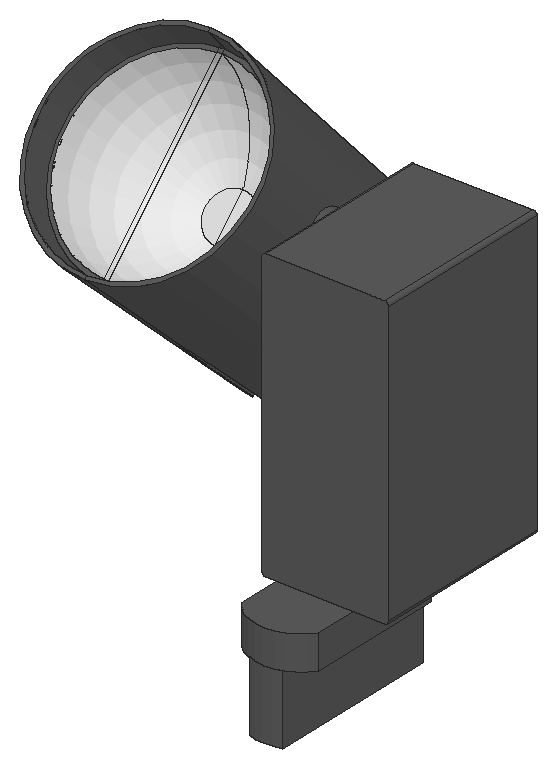
Revit family "0004942 Feilo Sylvania Lighting Fixture START TRACK SPOT S DALI 1928LM 930 WB BLK", category Lighting Fixtures, host Face, Revit 2017 (continued)
Definition of nested family "Start Track Spot Head"
  Types (96, lengths in mm): name | Wattage | built-in parameter 1150134 | Photometric Web File | Model | built-in parameter 1150105 | Lumens | built-in parameter 1150107 | built-in parameter 1150106 | HeadThickness_FEILO | HeadRibOffset_FEILO | HeadRibDepth_FEILO | HeadRibCutWidth_FEILO | HeadRibCutOffset_FEILO | HeadReflectorRadius_FEILO | HeadReflectorOffset_FEILO | HeadLEDRadius_FEILO | HeadHeight_FEILO | HeadDiffusorOffset_FEILO | HeadDiaOut_FEILO | HeadDiaIn_FEILO | HeadAxisFromTop_FEILO | Emit from Circle Diameter | built-in parameter 1150104 | Description | Apparent Load
    0004864 START TRACK SPOT S 24W 3K RA90 WB WHITE | 24 W | (empty or 0) | "0004864.ies" | "START TRACK SPOT S 24W 3K RA90 WB WHITE" | 152.79 (stored number, unit not read) | 1920 lm | 3000 (stored number, unit not read) | 1.5279 (stored number, unit not read) | 1.5 | 4.179 | 55.714 | 7.167 | 50.87 | 50.588 | 55.714 | 9.556 | 117 | 9.435 | 86 | 77.477 | 69.354 | 77.477 | 7.4322 (stored number, unit not read) | "Integrated LED spotlight, Textured White - RAL9016, compact and minimalist design, ideal for retail applications, die-cast aluminium body, passive cooling heatsink. Beam angle: 64°, color temperature: 3000K , total system power: 24W, total fixture output: 1928 lm, LOR: 100%, colour rendering: Ra: 90 typical, LED Chromaticity: 3 step MacAdam ellipse, lifetime: >50000 hours at L70B50, energy class: A++, A+, A, IR/UV free light source without heat radiation, operating voltage: 220-240V / 50-60Hz, drive current: 600mA, electronic driver, non-dimmable, power factor: 0.95, electrical protection: Class II, Global Track 3 Phase adapter suitable for Global trac 3-circuit tracks, ingress protection rating: IP20, suitable for internal environment only, horizontal rotation: 355°, vertical tilt: 90°, dimensions: Ø86x140x200, weight: 0.966kg." | 24 VA
    0004863 START TRACK SPOT S 24W 3K RA90 MB WHITE | 24 W | (empty or 0) | "0004863.ies" | "START TRACK SPOT S 24W 3K RA90 MB WHITE" | 154.7 (stored number, unit not read) | 1944 lm | 3000 (stored number, unit not read) | 1.547 (stored number, unit not read) | 1.5 | 4.179 | 55.714 | 7.167 | 50.87 | 50.588 | 55.714 | 9.556 | 117 | 9.435 | 86 | 77.477 | 69.354 | 77.477 | 7.5251 (stored number, unit not read) | "Integrated LED spotlight, Textured White - RAL9016, compact and minimalist design, ideal for retail applications, die-cast aluminium body, passive cooling heatsink. Beam angle: 36°, color temperature: 3000K , total system power: 24W, total fixture output: 1944 lm, LOR: 100%, colour rendering: Ra: 90 typical, LED Chromaticity: 3 step MacAdam ellipse, lifetime: >50000 hours at L70B50, energy class: A++, A+, A, IR/UV free light source without heat radiation, operating voltage: 220-240V / 50-60Hz, drive current: 600mA, electronic driver, non-dimmable, power factor: 0.95, electrical protection: Class II, Global Track 3 Phase adapter suitable for Global trac 3-circuit tracks, ingress protection rating: IP20, suitable for internal environment only, horizontal rotation: 355°, vertical tilt: 90°, dimensions: Ø86x140x200, weight: 0.966kg." | 24 VA
    0004862 START TRACK SPOT S 24W 3K RA90 NB WHITE | 24 W | (empty or 0) | "0004862.ies" | "START TRACK SPOT S 24W 3K RA90 NB WHITE" | 158.52 (stored number, unit not read) | 1992 lm | 3000 (stored number, unit not read) | 1.5852 (stored number, unit not read) | 1.5 | 4.179 | 55.714 | 7.167 | 50.87 | 50.588 | 55.714 | 9.556 | 117 | 9.435 | 86 | 77.477 | 69.354 | 77.477 | 7.711 (stored number, unit not read) | "Integrated LED spotlight, Textured White - RAL9016, compact and minimalist design, ideal for retail applications, die-cast aluminium body, passive cooling heatsink. Beam angle: 12°, color temperature: 3000K , total system power: 24W, total fixture output: 1987 lm, LOR: 100%, colour rendering: Ra: 90 typical, LED Chromaticity: 3 step MacAdam ellipse, lifetime: >50000 hours at L70B50, energy class: A++, A+, A, IR/UV free light source without heat radiation, operating voltage: 220-240V / 50-60Hz, drive current: 600mA, electronic driver, non-dimmable, power factor: 0.95, electrical protection: Class II, Global Track 3 Phase adapter suitable for Global trac 3-circuit tracks, ingress protection rating: IP20, suitable for internal environment only, horizontal rotation: 355°, vertical tilt: 90°, dimensions: Ø86x140x200, weight: 0.966kg." | 24 VA
    0004861 START TRACK SPOT S 14W 3K RA90 WB WHITE | 14 W | (empty or 0) | "0004861.ies" | "START TRACK SPOT S 14W 3K RA90 WB WHITE" | 100.27 (stored number, unit not read) | 1260 lm | 3000 (stored number, unit not read) | 1.0027 (stored number, unit not read) | 1.5 | 4.179 | 55.714 | 7.167 | 50.87 | 50.588 | 55.714 | 9.556 | 117 | 9.435 | 86 | 77.477 | 69.354 | 77.477 | 8.3613 (stored number, unit not read) | "Integrated LED spotlight, Textured White - RAL9016, compact and minimalist design, ideal for retail applications, die-cast aluminium body, passive cooling heatsink. Beam angle: 64°, color temperature: 3000K , total system power: 14W, total fixture output: 1262 lm, LOR: 100%, colour rendering: Ra: 90 typical, LED Chromaticity: 3 step MacAdam ellipse, lifetime: >50000 hours at L70B50, energy class: A++, A+, A, IR/UV free light source without heat radiation, operating voltage: 220-240V / 50-60Hz, drive current: 350mA, electronic driver, non-dimmable, power factor: 0.92, electrical protection: Class II, Global Track 3 Phase adapter suitable for Global trac 3-circuit tracks, ingress protection rating: IP20, suitable for internal environment only, horizontal rotation: 355°, vertical tilt: 90°, dimensions: Ø86x140x200, weight: 0.940kg." | 14 VA
    0004860 START TRACK SPOT S 14W 3K RA90 MB WHITE | 14 W | (empty or 0) | "0004860.ies" | "START TRACK SPOT S 14W 3K RA90 MB WHITE" | 100.27 (stored number, unit not read) | 1260 lm | 3000 (stored number, unit not read) | 1.0027 (stored number, unit not read) | 1.5 | 4.179 | 55.714 | 7.167 | 50.87 | 50.588 | 55.714 | 9.556 | 117 | 9.435 | 86 | 77.477 | 69.354 | 77.477 | 8.3613 (stored number, unit not read) | "Integrated LED spotlight, Textured White - RAL9016, compact and minimalist design, ideal for retail applications, die-cast aluminium body, passive cooling heatsink. Beam angle: 36°, color temperature: 3000K , total system power: 14W, total fixture output: 1262 lm, LOR: 100%, colour rendering: Ra: 90 typical, LED Chromaticity: 3 step MacAdam ellipse, lifetime: >50000 hours at L70B50, energy class: A++, A+, A, IR/UV free light source without heat radiation, operating voltage: 220-240V / 50-60Hz, drive current: 350mA, electronic driver, non-dimmable, power factor: 0.92, electrical protection: Class II, Global Track 3 Phase adapter suitable for Global trac 3-circuit tracks, ingress protection rating: IP20, suitable for internal environment only, horizontal rotation: 355°, vertical tilt: 90°, dimensions: Ø86x140x200, weight: 0.940kg." | 14 VA
    0004859 START TRACK SPOT S 14W 3K RA90 NB WHITE | 14 W | (empty or 0) | "0004859.ies" | "START TRACK SPOT S 14W 3K RA90 NB WHITE" | 102.5 (stored number, unit not read) | 1288 lm | 3000 (stored number, unit not read) | 1.025 (stored number, unit not read) | 1.5 | 4.179 | 55.714 | 7.167 | 50.87 | 50.588 | 55.714 | 9.556 | 117 | 9.435 | 86 | 77.477 | 69.354 | 77.477 | 8.5471 (stored number, unit not read) | "Integrated LED spotlight, Textured White - RAL9016, compact and minimalist design, ideal for retail applications, die-cast aluminium body, passive cooling heatsink. Beam angle: 12°, color temperature: 3000K , total system power: 14W, total fixture output: 1284 lm, LOR: 100%, colour rendering: Ra: 90 typical, LED Chromaticity: 3 step MacAdam ellipse, lifetime: >50000 hours at L70B50, energy class: A++, A+, A, IR/UV free light source without heat radiation, operating voltage: 220-240V / 50-60Hz, drive current: 350mA, electronic driver, non-dimmable, power factor: 0.92, electrical protection: Class II, Global Track 3 Phase adapter suitable for Global trac 3-circuit tracks, ingress protection rating: IP20, suitable for internal environment only, horizontal rotation: 355°, vertical tilt: 90°, dimensions: Ø86x140x200, weight: 0.940kg." | 14 VA
    0004858 START TRACK SPOT L 55W 4K RA80 WB BLACK | 55 W | 12 | "0004858.ies" | "START TRACK SPOT L 55W 4K RA80 WB BLACK" | 424.55 (stored number, unit not read) | 5335 lm | 4000 (stored number, unit not read) | 4.2455 (stored number, unit not read) | 2 | 4.429 | 59.048 | 9.417 | 53.913 | 66.471 | 59.048 | 12.556 | 124 | 10 | 113 | 101.802 | 73.503 | 101.802 | 9.0116 (stored number, unit not read) | "Integrated LED spotlight, Textured Black - RAL9005, compact and minimalist design, ideal for retail applications, die-cast aluminium body, passive cooling heatsink. Beam angle: 52°, color temperature: 4000K , total system power: 55W, total fixture output: 5320 lm, LOR: 100%, colour rendering: Ra: 80 typical, LED Chromaticity: 3 step MacAdam ellipse, lifetime: >50000 hours at L70B50, energy class: A++, A+, A, IR/UV free light source without heat radiation, operating voltage: 220-240V / 50-60Hz, drive current: 1400mA, electronic driver, non-dimmable, power factor: 0.96, electrical protection: Class II, Global Track 3 Phase adapter suitable for Global trac 3-circuit tracks, ingress protection rating: IP20, suitable for internal environment only, horizontal rotation: 355°, vertical tilt: 90°, dimensions: Ø113x164x240, weight: 1.398kg." | 55 VA
    0004857 START TRACK SPOT L 55W 4K RA80 MB BLACK | 55 W | 12 | "0004857.ies" | "START TRACK SPOT L 55W 4K RA80 MB BLACK" | 428.92 (stored number, unit not read) | 5390 lm | 4000 (stored number, unit not read) | 4.2892 (stored number, unit not read) | 2 | 4.429 | 59.048 | 9.417 | 53.913 | 66.471 | 59.048 | 12.556 | 124 | 10 | 113 | 101.802 | 73.503 | 101.802 | 9.1045 (stored number, unit not read) | "Integrated LED spotlight, Textured Black - RAL9005, compact and minimalist design, ideal for retail applications, die-cast aluminium body, passive cooling heatsink. Beam angle: 38°, color temperature: 4000K , total system power: 55W, total fixture output: 5378 lm, LOR: 100%, colour rendering: Ra: 80 typical, LED Chromaticity: 3 step MacAdam ellipse, lifetime: >50000 hours at L70B50, energy class: A++, A+, A, IR/UV free light source without heat radiation, operating voltage: 220-240V / 50-60Hz, drive current: 1400mA, electronic driver, non-dimmable, power factor: 0.96, electrical protection: Class II, Global Track 3 Phase adapter suitable for Global trac 3-circuit tracks, ingress protection rating: IP20, suitable for internal environment only, horizontal rotation: 355°, vertical tilt: 90°, dimensions: Ø113x164x240, weight: 1.398kg." | 55 VA
    0004856 START TRACK SPOT L 55W 4K RA80 NB BLACK | 55 W | 12 | "0004856.ies" | "START TRACK SPOT L 55W 4K RA80 NB BLACK" | 433.3 (stored number, unit not read) | 5445 lm | 4000 (stored number, unit not read) | 4.333 (stored number, unit not read) | 2 | 4.429 | 59.048 | 9.417 | 53.913 | 66.471 | 59.048 | 12.556 | 124 | 10 | 113 | 101.802 | 73.503 | 101.802 | 9.1974 (stored number, unit not read) | "Integrated LED spotlight, Textured Black - RAL9005, compact and minimalist design, ideal for retail applications, die-cast aluminium body, passive cooling heatsink. Beam angle: 15°, color temperature: 4000K , total system power: 55W, total fixture output: 5426 lm, LOR: 100%, colour rendering: Ra: 80 typical, LED Chromaticity: 3 step MacAdam ellipse, lifetime: >50000 hours at L70B50, energy class: A++, A+, A, IR/UV free light source without heat radiation, operating voltage: 220-240V / 50-60Hz, drive current: 1400mA, electronic driver, non-dimmable, power factor: 0.96, electrical protection: Class II, Global Track 3 Phase adapter suitable for Global trac 3-circuit tracks, ingress protection rating: IP20, suitable for internal environment only, horizontal rotation: 355°, vertical tilt: 90°, dimensions: Ø113x164x240, weight: 1.398kg." | 55 VA
    0004855 START TRACK SPOT L 35W 4K RA80 WB BLACK | 35 W | 12 | "0004855.ies" | "START TRACK SPOT L 35W 4K RA80 WB BLACK" | 320.3 (stored number, unit not read) | 4025 lm | 4000 (stored number, unit not read) | 3.203 (stored number, unit not read) | 2 | 4.429 | 59.048 | 9.417 | 53.913 | 66.471 | 59.048 | 12.556 | 124 | 10 | 113 | 101.802 | 73.503 | 101.802 | 10.684 (stored number, unit not read) | "Integrated LED spotlight, Textured Black - RAL9005, compact and minimalist design, ideal for retail applications, die-cast aluminium body, passive cooling heatsink. Beam angle: 52°, color temperature: 4000K , total system power: 35W, total fixture output: 4010 lm, LOR: 100%, colour rendering: Ra: 80 typical, LED Chromaticity: 3 step MacAdam ellipse, lifetime: >50000 hours at L70B50, energy class: A++, A+, A, IR/UV free light source without heat radiation, operating voltage: 220-240V / 50-60Hz, drive current: 900mA, electronic driver, non-dimmable, power factor: 0.93, electrical protection: Class II, Global Track 3 Phase adapter suitable for Global trac 3-circuit tracks, ingress protection rating: IP20, suitable for internal environment only, horizontal rotation: 355°, vertical tilt: 90°, dimensions: Ø113x164x240, weight: 1.368kg." | 35 VA
    0004854 START TRACK SPOT L 35W 4K RA80 MB BLACK | 35 W | 12 | "0004854.ies" | "START TRACK SPOT L 35W 4K RA80 MB BLACK" | 320.3 (stored number, unit not read) | 4025 lm | 4000 (stored number, unit not read) | 3.203 (stored number, unit not read) | 2 | 4.429 | 59.048 | 9.417 | 53.913 | 66.471 | 59.048 | 12.556 | 124 | 10 | 113 | 101.802 | 73.503 | 101.802 | 10.684 (stored number, unit not read) | "Integrated LED spotlight, Textured Black - RAL9005, compact and minimalist design, ideal for retail applications, die-cast aluminium body, passive cooling heatsink. Beam angle: 38°, color temperature: 4000K , total system power: 35W, total fixture output: 4017 lm, LOR: 100%, colour rendering: Ra: 80 typical, LED Chromaticity: 3 step MacAdam ellipse, lifetime: >50000 hours at L70B50, energy class: A++, A+, A, IR/UV free light source without heat radiation, operating voltage: 220-240V / 50-60Hz, drive current: 900mA, electronic driver, non-dimmable, power factor: 0.93, electrical protection: Class II, Global Track 3 Phase adapter suitable for Global trac 3-circuit tracks, ingress protection rating: IP20, suitable for internal environment only, horizontal rotation: 355°, vertical tilt: 90°, dimensions: Ø113x164x240, weight: 1.368kg." | 35 VA
    0004853 START TRACK SPOT L 35W 4K RA80 NB BLACK | 35 W | 12 | "0004853.ies" | "START TRACK SPOT L 35W 4K RA80 NB BLACK" | 331.44 (stored number, unit not read) | 4165 lm | 4000 (stored number, unit not read) | 3.3144 (stored number, unit not read) | 2 | 4.429 | 59.048 | 9.417 | 53.913 | 66.471 | 59.048 | 12.556 | 124 | 10 | 113 | 101.802 | 73.503 | 101.802 | 11.055 (stored number, unit not read) | "Integrated LED spotlight, Textured Black - RAL9005, compact and minimalist design, ideal for retail applications, die-cast aluminium body, passive cooling heatsink. Beam angle: 15°, color temperature: 4000K , total system power: 35W, total fixture output: 4174 lm, LOR: 100%, colour rendering: Ra: 80 typical, LED Chromaticity: 3 step MacAdam ellipse, lifetime: >50000 hours at L70B50, energy class: A++, A+, A, IR/UV free light source without heat radiation, operating voltage: 220-240V / 50-60Hz, drive current: 900mA, electronic driver, non-dimmable, power factor: 0.93, electrical protection: Class II, Global Track 3 Phase adapter suitable for Global trac 3-circuit tracks, ingress protection rating: IP20, suitable for internal environment only, horizontal rotation: 355°, vertical tilt: 90°, dimensions: Ø113x164x240, weight: 1.368kg." | 35 VA
    0004852 START TRACK SPOT S 24W 4K RA80 WB BLACK | 24 W | 12 | "0004852.ies" | "START TRACK SPOT S 24W 4K RA80 WB BLACK" | 196.72 (stored number, unit not read) | 2472 lm | 4000 (stored number, unit not read) | 1.9672 (stored number, unit not read) | 1.5 | 4.179 | 55.714 | 7.167 | 50.87 | 50.588 | 55.714 | 9.556 | 117 | 9.435 | 86 | 77.477 | 69.354 | 77.477 | 9.569 (stored number, unit not read) | "Integrated LED spotlight, Textured Black - RAL9005, compact and minimalist design, ideal for retail applications, die-cast aluminium body, passive cooling heatsink. Beam angle: 64°, color temperature: 4000K , total system power: 24W, total fixture output: 2476 lm, LOR: 100%, colour rendering: Ra: 80 typical, LED Chromaticity: 3 step MacAdam ellipse, lifetime: >50000 hours at L70B50, energy class: A++, A+, A, IR/UV free light source without heat radiation, operating voltage: 220-240V / 50-60Hz, drive current: 600mA, electronic driver, non-dimmable, power factor: 0.95, electrical protection: Class II, Global Track 3 Phase adapter suitable for Global trac 3-circuit tracks, ingress protection rating: IP20, suitable for internal environment only, horizontal rotation: 355°, vertical tilt: 90°, dimensions: Ø86x140x200, weight: 0.966kg." | 24 VA
    0004851 START TRACK SPOT S 24W 4K RA80 MB BLACK | 24 W | 12 | "0004851.ies" | "START TRACK SPOT S 24W 4K RA80 MB BLACK" | 198.63 (stored number, unit not read) | 2496 lm | 4000 (stored number, unit not read) | 1.9863 (stored number, unit not read) | 1.5 | 4.179 | 55.714 | 7.167 | 50.87 | 50.588 | 55.714 | 9.556 | 117 | 9.435 | 86 | 77.477 | 69.354 | 77.477 | 9.6619 (stored number, unit not read) | "Integrated LED spotlight, Textured Black - RAL9005, compact and minimalist design, ideal for retail applications, die-cast aluminium body, passive cooling heatsink. Beam angle: 36°, color temperature: 4000K , total system power: 24W, total fixture output: 2487 lm, LOR: 100%, colour rendering: Ra: 80 typical, LED Chromaticity: 3 step MacAdam ellipse, lifetime: >50000 hours at L70B50, energy class: A++, A+, A, IR/UV free light source without heat radiation, operating voltage: 220-240V / 50-60Hz, drive current: 600mA, electronic driver, non-dimmable, power factor: 0.95, electrical protection: Class II, Global Track 3 Phase adapter suitable for Global trac 3-circuit tracks, ingress protection rating: IP20, suitable for internal environment only, horizontal rotation: 355°, vertical tilt: 90°, dimensions: Ø86x140x200, weight: 0.966kg." | 24 VA
    0004850 START TRACK SPOT S 24W 4K RA80 NB BLACK | 24 W | 12 | "0004850.ies" | "START TRACK SPOT S 24W 4K RA80 NB BLACK" | 200.54 (stored number, unit not read) | 2520 lm | 4000 (stored number, unit not read) | 2.0054 (stored number, unit not read) | 1.5 | 4.179 | 55.714 | 7.167 | 50.87 | 50.588 | 55.714 | 9.556 | 117 | 9.435 | 86 | 77.477 | 69.354 | 77.477 | 9.7548 (stored number, unit not read) | "Integrated LED spotlight, Textured Black - RAL9005, compact and minimalist design, ideal for retail applications, die-cast aluminium body, passive cooling heatsink. Beam angle: 12°, color temperature: 4000K , total system power: 24W, total fixture output: 2529 lm, LOR: 100%, colour rendering: Ra: 80 typical, LED Chromaticity: 3 step MacAdam ellipse, lifetime: >50000 hours at L70B50, energy class: A++, A+, A, IR/UV free light source without heat radiation, operating voltage: 220-240V / 50-60Hz, drive current: 600mA, electronic driver, non-dimmable, power factor: 0.95, electrical protection: Class II, Global Track 3 Phase adapter suitable for Global trac 3-circuit tracks, ingress protection rating: IP20, suitable for internal environment only, horizontal rotation: 355°, vertical tilt: 90°, dimensions: Ø86x140x200, weight: 0.966kg." | 24 VA
    0004849 START TRACK SPOT S 14W 4K RA80 WB BLACK | 14 W | 12 | "0004849.ies" | "START TRACK SPOT S 14W 4K RA80 WB BLACK" | 123.66 (stored number, unit not read) | 1554 lm | 4000 (stored number, unit not read) | 1.2366 (stored number, unit not read) | 1.5 | 4.179 | 55.714 | 7.167 | 50.87 | 50.588 | 55.714 | 9.556 | 117 | 9.435 | 86 | 77.477 | 69.354 | 77.477 | 10.312 (stored number, unit not read) | "Integrated LED spotlight, Textured Black - RAL9005, compact and minimalist design, ideal for retail applications, die-cast aluminium body, passive cooling heatsink. Beam angle: 64°, color temperature: 4000K , total system power: 14W, total fixture output: 1558 lm, LOR: 100%, colour rendering: Ra: 80 typical, LED Chromaticity: 3 step MacAdam ellipse, lifetime: >50000 hours at L70B50, energy class: A++, A+, A, IR/UV free light source without heat radiation, operating voltage: 220-240V / 50-60Hz, drive current: 350mA, electronic driver, non-dimmable, power factor: 0.92, electrical protection: Class II, Global Track 3 Phase adapter suitable for Global trac 3-circuit tracks, ingress protection rating: IP20, suitable for internal environment only, horizontal rotation: 355°, vertical tilt: 90°, dimensions: Ø86x140x200, weight: 0.940kg." | 14 VA
    0004848 START TRACK SPOT S 14W 4K RA80 MB BLACK | 14 W | 12 | "0004848.ies" | "START TRACK SPOT S 14W 4K RA80 MB BLACK" | 127.01 (stored number, unit not read) | 1596 lm | 4000 (stored number, unit not read) | 1.2701 (stored number, unit not read) | 1.5 | 4.179 | 55.714 | 7.167 | 50.87 | 50.588 | 55.714 | 9.556 | 117 | 9.435 | 86 | 77.477 | 69.354 | 77.477 | 10.591 (stored number, unit not read) | "Integrated LED spotlight, Textured Black - RAL9005, compact and minimalist design, ideal for retail applications, die-cast aluminium body, passive cooling heatsink. Beam angle: 36°, color temperature: 4000K , total system power: 14W, total fixture output: 1598 lm, LOR: 100%, colour rendering: Ra: 80 typical, LED Chromaticity: 3 step MacAdam ellipse, lifetime: >50000 hours at L70B50, energy class: A++, A+, A, IR/UV free light source without heat radiation, operating voltage: 220-240V / 50-60Hz, drive current: 350mA, electronic driver, non-dimmable, power factor: 0.92, electrical protection: Class II, Global Track 3 Phase adapter suitable for Global trac 3-circuit tracks, ingress protection rating: IP20, suitable for internal environment only, horizontal rotation: 355°, vertical tilt: 90°, dimensions: Ø86x140x200, weight: 0.940kg." | 14 VA
    0004847 START TRACK SPOT S 14W 4K RA80 NB BLACK | 14 W | 12 | "0004847.ies" | "START TRACK SPOT S 14W 4K RA80 NB BLACK" | 128.12 (stored number, unit not read) | 1610 lm | 4000 (stored number, unit not read) | 1.2812 (stored number, unit not read) | 1.5 | 4.179 | 55.714 | 7.167 | 50.87 | 50.588 | 55.714 | 9.556 | 117 | 9.435 | 86 | 77.477 | 69.354 | 77.477 | 10.684 (stored number, unit not read) | "Integrated LED spotlight, Textured Black - RAL9005, compact and minimalist design, ideal for retail applications, die-cast aluminium body, passive cooling heatsink. Beam angle: 12°, color temperature: 4000K , total system power: 14W, total fixture output: 1608 lm, LOR: 100%, colour rendering: Ra: 80 typical, LED Chromaticity: 3 step MacAdam ellipse, lifetime: >50000 hours at L70B50, energy class: A++, A+, A, IR/UV free light source without heat radiation, operating voltage: 220-240V / 50-60Hz, drive current: 350mA, electronic driver, non-dimmable, power factor: 0.92, electrical protection: Class II, Global Track 3 Phase adapter suitable for Global trac 3-circuit tracks, ingress protection rating: IP20, suitable for internal environment only, horizontal rotation: 355°, vertical tilt: 90°, dimensions: Ø86x140x200, weight: 0.940kg." | 14 VA
    0004846 START TRACK SPOT L 55W 3K RA80 WB BLACK | 55 W | (empty or 0) | "0004846.ies" | "START TRACK SPOT L 55W 3K RA80 WB BLACK" | 420.17 (stored number, unit not read) | 5280 lm | 3000 (stored number, unit not read) | 4.2017 (stored number, unit not read) | 2 | 4.429 | 59.048 | 9.417 | 53.913 | 66.471 | 59.048 | 12.556 | 124 | 10 | 113 | 101.802 | 73.503 | 101.802 | 8.9187 (stored number, unit not read) | "Integrated LED spotlight, Textured Black - RAL9005, compact and minimalist design, ideal for retail applications, die-cast aluminium body, passive cooling heatsink. Beam angle: 52°, color temperature: 3000K , total system power: 55W, total fixture output: 5298 lm, LOR: 100%, colour rendering: Ra: 80 typical, LED Chromaticity: 3 step MacAdam ellipse, lifetime: >50000 hours at L70B50, energy class: A++, A+, A, IR/UV free light source without heat radiation, operating voltage: 220-240V / 50-60Hz, drive current: 1400mA, electronic driver, non-dimmable, power factor: 0.96, electrical protection: Class II, Global Track 3 Phase adapter suitable for Global trac 3-circuit tracks, ingress protection rating: IP20, suitable for internal environment only, horizontal rotation: 355°, vertical tilt: 90°, dimensions: Ø113x164x240, weight: 1.398kg." | 55 VA
    0004845 START TRACK SPOT L 55W 3K RA80 MB BLACK | 55 W | (empty or 0) | "0004845.ies" | "START TRACK SPOT L 55W 3K RA80 MB BLACK" | 428.92 (stored number, unit not read) | 5390 lm | 3000 (stored number, unit not read) | 4.2892 (stored number, unit not read) | 2 | 4.429 | 59.048 | 9.417 | 53.913 | 66.471 | 59.048 | 12.556 | 124 | 10 | 113 | 101.802 | 73.503 | 101.802 | 9.1045 (stored number, unit not read) | "Integrated LED spotlight, Textured Black - RAL9005, compact and minimalist design, ideal for retail applications, die-cast aluminium body, passive cooling heatsink. Beam angle: 38°, color temperature: 3000K , total system power: 55W, total fixture output: 5381 lm, LOR: 100%, colour rendering: Ra: 80 typical, LED Chromaticity: 3 step MacAdam ellipse, lifetime: >50000 hours at L70B50, energy class: A++, A+, A, IR/UV free light source without heat radiation, operating voltage: 220-240V / 50-60Hz, drive current: 1400mA, electronic driver, non-dimmable, power factor: 0.96, electrical protection: Class II, Global Track 3 Phase adapter suitable for Global trac 3-circuit tracks, ingress protection rating: IP20, suitable for internal environment only, horizontal rotation: 355°, vertical tilt: 90°, dimensions: Ø113x164x240, weight: 1.398kg." | 55 VA
    0004844 START TRACK SPOT L 55W 3K RA80 NB BLACK | 55 W | (empty or 0) | "0004844.ies" | "START TRACK SPOT L 55W 3K RA80 NB BLACK" | 433.3 (stored number, unit not read) | 5445 lm | 3000 (stored number, unit not read) | 4.333 (stored number, unit not read) | 2 | 4.429 | 59.048 | 9.417 | 53.913 | 66.471 | 59.048 | 12.556 | 124 | 10 | 113 | 101.802 | 73.503 | 101.802 | 9.1974 (stored number, unit not read) | "Integrated LED spotlight, Textured Black - RAL9005, compact and minimalist design, ideal for retail applications, die-cast aluminium body, passive cooling heatsink. Beam angle: 15°, color temperature: 3000K , total system power: 55W, total fixture output: 5449 lm, LOR: 100%, colour rendering: Ra: 80 typical, LED Chromaticity: 3 step MacAdam ellipse, lifetime: >50000 hours at L70B50, energy class: A++, A+, A, IR/UV free light source without heat radiation, operating voltage: 220-240V / 50-60Hz, drive current: 1400mA, electronic driver, non-dimmable, power factor: 0.96, electrical protection: Class II, Global Track 3 Phase adapter suitable for Global trac 3-circuit tracks, ingress protection rating: IP20, suitable for internal environment only, horizontal rotation: 355°, vertical tilt: 90°, dimensions: Ø113x164x240, weight: 1.398kg." | 55 VA
    0004843 START TRACK SPOT L 35W 3K RA80 WB BLACK | 35 W | (empty or 0) | "0004843.ies" | "START TRACK SPOT L 35W 3K RA80 WB BLACK" | 314.73 (stored number, unit not read) | 3955 lm | 3000 (stored number, unit not read) | 3.1473 (stored number, unit not read) | 2 | 4.429 | 59.048 | 9.417 | 53.913 | 66.471 | 59.048 | 12.556 | 124 | 10 | 113 | 101.802 | 73.503 | 101.802 | 10.498 (stored number, unit not read) | "Integrated LED spotlight, Textured Black - RAL9005, compact and minimalist design, ideal for retail applications, die-cast aluminium body, passive cooling heatsink. Beam angle: 52°, color temperature: 3000K , total system power: 35W, total fixture output: 3943 lm, LOR: 100%, colour rendering: Ra: 80 typical, LED Chromaticity: 3 step MacAdam ellipse, lifetime: >50000 hours at L70B50, energy class: A++, A+, A, IR/UV free light source without heat radiation, operating voltage: 220-240V / 50-60Hz, drive current: 900mA, electronic driver, non-dimmable, power factor: 0.93, electrical protection: Class II, Global Track 3 Phase adapter suitable for Global trac 3-circuit tracks, ingress protection rating: IP20, suitable for internal environment only, horizontal rotation: 355°, vertical tilt: 90°, dimensions: Ø113x164x240, weight: 1.368kg." | 35 VA
    0004842 START TRACK SPOT L 35W 3K RA80 MB BLACK | 35 W | (empty or 0) | "0004842.ies" | "START TRACK SPOT L 35W 3K RA80 MB BLACK" | 320.3 (stored number, unit not read) | 4025 lm | 3000 (stored number, unit not read) | 3.203 (stored number, unit not read) | 2 | 4.429 | 59.048 | 9.417 | 53.913 | 66.471 | 59.048 | 12.556 | 124 | 10 | 113 | 101.802 | 73.503 | 101.802 | 10.684 (stored number, unit not read) | "Integrated LED spotlight, Textured Black - RAL9005, compact and minimalist design, ideal for retail applications, die-cast aluminium body, passive cooling heatsink. Beam angle: 38°, color temperature: 3000K , total system power: 35W, total fixture output: 4008 lm, LOR: 100%, colour rendering: Ra: 80 typical, LED Chromaticity: 3 step MacAdam ellipse, lifetime: >50000 hours at L70B50, energy class: A++, A+, A, IR/UV free light source without heat radiation, operating voltage: 220-240V / 50-60Hz, drive current: 900mA, electronic driver, non-dimmable, power factor: 0.93, electrical protection: Class II, Global Track 3 Phase adapter suitable for Global trac 3-circuit tracks, ingress protection rating: IP20, suitable for internal environment only, horizontal rotation: 355°, vertical tilt: 90°, dimensions: Ø113x164x240, weight: 1.368kg." | 35 VA
    0004841 START TRACK SPOT L 35W 3K RA80 NB BLACK | 35 W | (empty or 0) | "0004841.ies" | "START TRACK SPOT L 35W 3K RA80 NB BLACK" | 317.51 (stored number, unit not read) | 3990 lm | 3000 (stored number, unit not read) | 3.1751 (stored number, unit not read) | 2 | 4.429 | 59.048 | 9.417 | 53.913 | 66.471 | 59.048 | 12.556 | 124 | 10 | 113 | 101.802 | 73.503 | 101.802 | 10.591 (stored number, unit not read) | "Integrated LED spotlight, Textured Black - RAL9005, compact and minimalist design, ideal for retail applications, die-cast aluminium body, passive cooling heatsink. Beam angle: 15°, color temperature: 3000K , total system power: 35W, total fixture output: 4005 lm, LOR: 100%, colour rendering: Ra: 80 typical, LED Chromaticity: 3 step MacAdam ellipse, lifetime: >50000 hours at L70B50, energy class: A++, A+, A, IR/UV free light source without heat radiation, operating voltage: 220-240V / 50-60Hz, drive current: 900mA, electronic driver, non-dimmable, power factor: 0.93, electrical protection: Class II, Global Track 3 Phase adapter suitable for Global trac 3-circuit tracks, ingress protection rating: IP20, suitable for internal environment only, horizontal rotation: 355°, vertical tilt: 90°, dimensions: Ø113x164x240, weight: 1.368kg." | 35 VA
    0004840 START TRACK SPOT S 24W 3K RA80 WB BLACK | 24 W | (empty or 0) | "0004840.ies" | "START TRACK SPOT S 24W 3K RA80 WB BLACK" | 185.26 (stored number, unit not read) | 2328 lm | 3000 (stored number, unit not read) | 1.8526 (stored number, unit not read) | 1.5 | 4.179 | 55.714 | 7.167 | 50.87 | 50.588 | 55.714 | 9.556 | 117 | 9.435 | 86 | 77.477 | 69.354 | 77.477 | 9.0116 (stored number, unit not read) | "Integrated LED spotlight, Textured Black - RAL9005, compact and minimalist design, ideal for retail applications, die-cast aluminium body, passive cooling heatsink. Beam angle: 64°, color temperature: 3000K , total system power: 24W, total fixture output: 2318 lm, LOR: 100%, colour rendering: Ra: 80 typical, LED Chromaticity: 3 step MacAdam ellipse, lifetime: >50000 hours at L70B50, energy class: A++, A+, A, IR/UV free light source without heat radiation, operating voltage: 220-240V / 50-60Hz, drive current: 600mA, electronic driver, non-dimmable, power factor: 0.95, electrical protection: Class II, Global Track 3 Phase adapter suitable for Global trac 3-circuit tracks, ingress protection rating: IP20, suitable for internal environment only, horizontal rotation: 355°, vertical tilt: 90°, dimensions: Ø86x140x200, weight: 0.966kg." | 24 VA
    0004839 START TRACK SPOT S 24W 3K RA80 MB BLACK | 24 W | (empty or 0) | "0004839.ies" | "START TRACK SPOT S 24W 3K RA80 MB BLACK" | 183.35 (stored number, unit not read) | 2304 lm | 3000 (stored number, unit not read) | 1.8335 (stored number, unit not read) | 1.5 | 4.179 | 55.714 | 7.167 | 50.87 | 50.588 | 55.714 | 9.556 | 117 | 9.435 | 86 | 77.477 | 69.354 | 77.477 | 8.9187 (stored number, unit not read) | "Integrated LED spotlight, Textured Black - RAL9005, compact and minimalist design, ideal for retail applications, die-cast aluminium body, passive cooling heatsink. Beam angle: 36°, color temperature: 3000K , total system power: 24W, total fixture output: 2314 lm, LOR: 100%, colour rendering: Ra: 80 typical, LED Chromaticity: 3 step MacAdam ellipse, lifetime: >50000 hours at L70B50, energy class: A++, A+, A, IR/UV free light source without heat radiation, operating voltage: 220-240V / 50-60Hz, drive current: 600mA, electronic driver, non-dimmable, power factor: 0.95, electrical protection: Class II, Global Track 3 Phase adapter suitable for Global trac 3-circuit tracks, ingress protection rating: IP20, suitable for internal environment only, horizontal rotation: 355°, vertical tilt: 90°, dimensions: Ø86x140x200, weight: 0.966kg." | 24 VA
    0004838 START TRACK SPOT S 24W 3K RA80 NB BLACK | 24 W | (empty or 0) | "0004838.ies" | "START TRACK SPOT S 24W 3K RA80 NB BLACK" | 185.26 (stored number, unit not read) | 2328 lm | 3000 (stored number, unit not read) | 1.8526 (stored number, unit not read) | 1.5 | 4.179 | 55.714 | 7.167 | 50.87 | 50.588 | 55.714 | 9.556 | 117 | 9.435 | 86 | 77.477 | 69.354 | 77.477 | 9.0116 (stored number, unit not read) | "Integrated LED spotlight, Textured Black - RAL9005, compact and minimalist design, ideal for retail applications, die-cast aluminium body, passive cooling heatsink. Beam angle: 12°, color temperature: 3000K , total system power: 24W, total fixture output: 2334 lm, LOR: 100%, colour rendering: Ra: 80 typical, LED Chromaticity: 3 step MacAdam ellipse, lifetime: >50000 hours at L70B50, energy class: A++, A+, A, IR/UV free light source without heat radiation, operating voltage: 220-240V / 50-60Hz, drive current: 600mA, electronic driver, non-dimmable, power factor: 0.95, electrical protection: Class II, Global Track 3 Phase adapter suitable for Global trac 3-circuit tracks, ingress protection rating: IP20, suitable for internal environment only, horizontal rotation: 355°, vertical tilt: 90°, dimensions: Ø86x140x200, weight: 0.966kg." | 24 VA
    0004837 START TRACK SPOT S 14W 3K RA80 WB BLACK | 14 W | (empty or 0) | "0004837.ies" | "START TRACK SPOT S 14W 3K RA80 WB BLACK" | 119.21 (stored number, unit not read) | 1498 lm | 3000 (stored number, unit not read) | 1.1921 (stored number, unit not read) | 1.5 | 4.179 | 55.714 | 7.167 | 50.87 | 50.588 | 55.714 | 9.556 | 117 | 9.435 | 86 | 77.477 | 69.354 | 77.477 | 9.9406 (stored number, unit not read) | "Integrated LED spotlight, Textured Black - RAL9005, compact and minimalist design, ideal for retail applications, die-cast aluminium body, passive cooling heatsink. Beam angle: 64°, color temperature: 3000K , total system power: 14W, total fixture output: 1498 lm, LOR: 100%, colour rendering: Ra: 80 typical, LED Chromaticity: 3 step MacAdam ellipse, lifetime: >50000 hours at L70B50, energy class: A++, A+, A, IR/UV free light source without heat radiation, operating voltage: 220-240V / 50-60Hz, drive current: 350mA, electronic driver, non-dimmable, power factor: 0.92, electrical protection: Class II, Global Track 3 Phase adapter suitable for Global trac 3-circuit tracks, ingress protection rating: IP20, suitable for internal environment only, horizontal rotation: 355°, vertical tilt: 90°, dimensions: Ø86x140x200, weight: 0.940kg." | 14 VA
    0004836 START TRACK SPOT S 14W 3K RA80 MB BLACK | 14 W | (empty or 0) | "0004836.ies" | "START TRACK SPOT S 14W 3K RA80 MB BLACK" | 120.32 (stored number, unit not read) | 1512 lm | 3000 (stored number, unit not read) | 1.2032 (stored number, unit not read) | 1.5 | 4.179 | 55.714 | 7.167 | 50.87 | 50.588 | 55.714 | 9.556 | 117 | 9.435 | 86 | 77.477 | 69.354 | 77.477 | 10.034 (stored number, unit not read) | "Integrated LED spotlight, Textured Black - RAL9005, compact and minimalist design, ideal for retail applications, die-cast aluminium body, passive cooling heatsink. Beam angle: 36°, color temperature: 3000K , total system power: 14W, total fixture output: 1508 lm, LOR: 100%, colour rendering: Ra: 80 typical, LED Chromaticity: 3 step MacAdam ellipse, lifetime: >50000 hours at L70B50, energy class: A++, A+, A, IR/UV free light source without heat radiation, operating voltage: 220-240V / 50-60Hz, drive current: 350mA, electronic driver, non-dimmable, power factor: 0.92, electrical protection: Class II, Global Track 3 Phase adapter suitable for Global trac 3-circuit tracks, ingress protection rating: IP20, suitable for internal environment only, horizontal rotation: 355°, vertical tilt: 90°, dimensions: Ø86x140x200, weight: 0.940kg." | 14 VA
    0004835 START TRACK SPOT S 14W 3K RA80 NB BLACK | 14 W | (empty or 0) | "0004835.ies" | "START TRACK SPOT S 14W 3K RA80 NB BLACK" | 123.66 (stored number, unit not read) | 1554 lm | 3000 (stored number, unit not read) | 1.2366 (stored number, unit not read) | 1.5 | 4.179 | 55.714 | 7.167 | 50.87 | 50.588 | 55.714 | 9.556 | 117 | 9.435 | 86 | 77.477 | 69.354 | 77.477 | 10.312 (stored number, unit not read) | "Integrated LED spotlight, Textured Black - RAL9005, compact and minimalist design, ideal for retail applications, die-cast aluminium body, passive cooling heatsink. Beam angle: 12°, color temperature: 3000K , total system power: 14W, total fixture output: 1551 lm, LOR: 100%, colour rendering: Ra: 80 typical, LED Chromaticity: 3 step MacAdam ellipse, lifetime: >50000 hours at L70B50, energy class: A++, A+, A, IR/UV free light source without heat radiation, operating voltage: 220-240V / 50-60Hz, drive current: 350mA, electronic driver, non-dimmable, power factor: 0.92, electrical protection: Class II, Global Track 3 Phase adapter suitable for Global trac 3-circuit tracks, ingress protection rating: IP20, suitable for internal environment only, horizontal rotation: 355°, vertical tilt: 90°, dimensions: Ø86x140x200, weight: 0.940kg." | 14 VA
    0004834 START TRACK SPOT L 55W 4K RA80 WB WHITE | 55 W | 12 | "0004834.ies" | "START TRACK SPOT L 55W 4K RA80 WB WHITE" | 424.55 (stored number, unit not read) | 5335 lm | 4000 (stored number, unit not read) | 4.2455 (stored number, unit not read) | 2 | 4.429 | 59.048 | 9.417 | 53.913 | 66.471 | 59.048 | 12.556 | 124 | 10 | 113 | 101.802 | 73.503 | 101.802 | 9.0116 (stored number, unit not read) | "Integrated LED spotlight, Textured White - RAL9016, compact and minimalist design, ideal for retail applications, die-cast aluminium body, passive cooling heatsink. Beam angle: 52°, color temperature: 4000K , total system power: 55W, total fixture output: 5320 lm, LOR: 100%, colour rendering: Ra: 80 typical, LED Chromaticity: 3 step MacAdam ellipse, lifetime: >50000 hours at L70B50, energy class: A++, A+, A, IR/UV free light source without heat radiation, operating voltage: 220-240V / 50-60Hz, drive current: 1400mA, electronic driver, non-dimmable, power factor: 0.96, electrical protection: Class II, Global Track 3 Phase adapter suitable for Global trac 3-circuit tracks, ingress protection rating: IP20, suitable for internal environment only, horizontal rotation: 355°, vertical tilt: 90°, dimensions: Ø113x164x240, weight: 1.398kg." | 55 VA
    0004833 START TRACK SPOT L 55W 4K RA80 MB WHITE | 55 W | 12 | "0004833.ies" | "START TRACK SPOT L 55W 4K RA80 MB WHITE" | 428.92 (stored number, unit not read) | 5390 lm | 4000 (stored number, unit not read) | 4.2892 (stored number, unit not read) | 2 | 4.429 | 59.048 | 9.417 | 53.913 | 66.471 | 59.048 | 12.556 | 124 | 10 | 113 | 101.802 | 73.503 | 101.802 | 9.1045 (stored number, unit not read) | "Integrated LED spotlight, Textured White - RAL9016, compact and minimalist design, ideal for retail applications, die-cast aluminium body, passive cooling heatsink. Beam angle: 38°, color temperature: 4000K , total system power: 55W, total fixture output: 5378 lm, LOR: 100%, colour rendering: Ra: 80 typical, LED Chromaticity: 3 step MacAdam ellipse, lifetime: >50000 hours at L70B50, energy class: A++, A+, A, IR/UV free light source without heat radiation, operating voltage: 220-240V / 50-60Hz, drive current: 1400mA, electronic driver, non-dimmable, power factor: 0.96, electrical protection: Class II, Global Track 3 Phase adapter suitable for Global trac 3-circuit tracks, ingress protection rating: IP20, suitable for internal environment only, horizontal rotation: 355°, vertical tilt: 90°, dimensions: Ø113x164x240, weight: 1.398kg." | 55 VA
    0004832 START TRACK SPOT L 55W 4K RA80 NB WHITE | 55 W | 12 | "0004832.ies" | "START TRACK SPOT L 55W 4K RA80 NB WHITE" | 433.3 (stored number, unit not read) | 5445 lm | 4000 (stored number, unit not read) | 4.333 (stored number, unit not read) | 2 | 4.429 | 59.048 | 9.417 | 53.913 | 66.471 | 59.048 | 12.556 | 124 | 10 | 113 | 101.802 | 73.503 | 101.802 | 9.1974 (stored number, unit not read) | "Integrated LED spotlight, Textured White - RAL9016, compact and minimalist design, ideal for retail applications, die-cast aluminium body, passive cooling heatsink. Beam angle: 15°, color temperature: 4000K , total system power: 55W, total fixture output: 5426 lm, LOR: 100%, colour rendering: Ra: 80 typical, LED Chromaticity: 3 step MacAdam ellipse, lifetime: >50000 hours at L70B50, energy class: A++, A+, A, IR/UV free light source without heat radiation, operating voltage: 220-240V / 50-60Hz, drive current: 1400mA, electronic driver, non-dimmable, power factor: 0.96, electrical protection: Class II, Global Track 3 Phase adapter suitable for Global trac 3-circuit tracks, ingress protection rating: IP20, suitable for internal environment only, horizontal rotation: 355°, vertical tilt: 90°, dimensions: Ø113x164x240, weight: 1.398kg." | 55 VA
    0004831 START TRACK SPOT L 35W 4K RA80 WB WHITE | 35 W | 12 | "0004831.ies" | "START TRACK SPOT L 35W 4K RA80 WB WHITE" | 320.3 (stored number, unit not read) | 4025 lm | 4000 (stored number, unit not read) | 3.203 (stored number, unit not read) | 2 | 4.429 | 59.048 | 9.417 | 53.913 | 66.471 | 59.048 | 12.556 | 124 | 10 | 113 | 101.802 | 73.503 | 101.802 | 10.684 (stored number, unit not read) | "Integrated LED spotlight, Textured White - RAL9016, compact and minimalist design, ideal for retail applications, die-cast aluminium body, passive cooling heatsink. Beam angle: 52°, color temperature: 4000K , total system power: 35W, total fixture output: 4010 lm, LOR: 100%, colour rendering: Ra: 80 typical, LED Chromaticity: 3 step MacAdam ellipse, lifetime: >50000 hours at L70B50, energy class: A++, A+, A, IR/UV free light source without heat radiation, operating voltage: 220-240V / 50-60Hz, drive current: 900mA, electronic driver, non-dimmable, power factor: 0.93, electrical protection: Class II, Global Track 3 Phase adapter suitable for Global trac 3-circuit tracks, ingress protection rating: IP20, suitable for internal environment only, horizontal rotation: 355°, vertical tilt: 90°, dimensions: Ø113x164x240, weight: 1.368kg." | 35 VA
    0004830 START TRACK SPOT L 35W 4K RA80 MB WHITE | 35 W | 12 | "0004830.ies" | "START TRACK SPOT L 35W 4K RA80 MB WHITE" | 320.3 (stored number, unit not read) | 4025 lm | 4000 (stored number, unit not read) | 3.203 (stored number, unit not read) | 2 | 4.429 | 59.048 | 9.417 | 53.913 | 66.471 | 59.048 | 12.556 | 124 | 10 | 113 | 101.802 | 73.503 | 101.802 | 10.684 (stored number, unit not read) | "Integrated LED spotlight, Textured White - RAL9016, compact and minimalist design, ideal for retail applications, die-cast aluminium body, passive cooling heatsink. Beam angle: 38°, color temperature: 4000K , total system power: 35W, total fixture output: 4017 lm, LOR: 100%, colour rendering: Ra: 80 typical, LED Chromaticity: 3 step MacAdam ellipse, lifetime: >50000 hours at L70B50, energy class: A++, A+, A, IR/UV free light source without heat radiation, operating voltage: 220-240V / 50-60Hz, drive current: 900mA, electronic driver, non-dimmable, power factor: 0.93, electrical protection: Class II, Global Track 3 Phase adapter suitable for Global trac 3-circuit tracks, ingress protection rating: IP20, suitable for internal environment only, horizontal rotation: 355°, vertical tilt: 90°, dimensions: Ø113x164x240, weight: 1.368kg." | 35 VA
    0004829 START TRACK SPOT L 35W 4K RA80 NB WHITE | 35 W | 12 | "0004829.ies" | "START TRACK SPOT L 35W 4K RA80 NB WHITE" | 331.44 (stored number, unit not read) | 4165 lm | 4000 (stored number, unit not read) | 3.3144 (stored number, unit not read) | 2 | 4.429 | 59.048 | 9.417 | 53.913 | 66.471 | 59.048 | 12.556 | 124 | 10 | 113 | 101.802 | 73.503 | 101.802 | 11.055 (stored number, unit not read) | "Integrated LED spotlight, Textured White - RAL9016, compact and minimalist design, ideal for retail applications, die-cast aluminium body, passive cooling heatsink. Beam angle: 15°, color temperature: 4000K , total system power: 35W, total fixture output: 4174 lm, LOR: 100%, colour rendering: Ra: 80 typical, LED Chromaticity: 3 step MacAdam ellipse, lifetime: >50000 hours at L70B50, energy class: A++, A+, A, IR/UV free light source without heat radiation, operating voltage: 220-240V / 50-60Hz, drive current: 900mA, electronic driver, non-dimmable, power factor: 0.93, electrical protection: Class II, Global Track 3 Phase adapter suitable for Global trac 3-circuit tracks, ingress protection rating: IP20, suitable for internal environment only, horizontal rotation: 355°, vertical tilt: 90°, dimensions: Ø113x164x240, weight: 1.368kg." | 35 VA
    0004828 START TRACK SPOT S 24W 4K RA80 WB WHITE | 24 W | 12 | "0004828.ies" | "START TRACK SPOT S 24W 4K RA80 WB WHITE" | 196.72 (stored number, unit not read) | 2472 lm | 4000 (stored number, unit not read) | 1.9672 (stored number, unit not read) | 1.5 | 4.179 | 55.714 | 7.167 | 50.87 | 50.588 | 55.714 | 9.556 | 117 | 9.435 | 86 | 77.477 | 69.354 | 77.477 | 9.569 (stored number, unit not read) | "Integrated LED spotlight, Textured White - RAL9016, compact and minimalist design, ideal for retail applications, die-cast aluminium body, passive cooling heatsink. Beam angle: 64°, color temperature: 4000K , total system power: 24W, total fixture output: 2476 lm, LOR: 100%, colour rendering: Ra: 80 typical, LED Chromaticity: 3 step MacAdam ellipse, lifetime: >50000 hours at L70B50, energy class: A++, A+, A, IR/UV free light source without heat radiation, operating voltage: 220-240V / 50-60Hz, drive current: 600mA, electronic driver, non-dimmable, power factor: 0.95, electrical protection: Class II, Global Track 3 Phase adapter suitable for Global trac 3-circuit tracks, ingress protection rating: IP20, suitable for internal environment only, horizontal rotation: 355°, vertical tilt: 90°, dimensions: Ø86x140x200, weight: 0.966kg." | 24 VA
    0004827 START TRACK SPOT S 24W 4K RA80 MB WHITE | 24 W | 12 | "0004827.ies" | "START TRACK SPOT S 24W 4K RA80 MB WHITE" | 198.63 (stored number, unit not read) | 2496 lm | 4000 (stored number, unit not read) | 1.9863 (stored number, unit not read) | 1.5 | 4.179 | 55.714 | 7.167 | 50.87 | 50.588 | 55.714 | 9.556 | 117 | 9.435 | 86 | 77.477 | 69.354 | 77.477 | 9.6619 (stored number, unit not read) | "Integrated LED spotlight, Textured White - RAL9016, compact and minimalist design, ideal for retail applications, die-cast aluminium body, passive cooling heatsink. Beam angle: 36°, color temperature: 4000K , total system power: 24W, total fixture output: 2487 lm, LOR: 100%, colour rendering: Ra: 80 typical, LED Chromaticity: 3 step MacAdam ellipse, lifetime: >50000 hours at L70B50, energy class: A++, A+, A, IR/UV free light source without heat radiation, operating voltage: 220-240V / 50-60Hz, drive current: 600mA, electronic driver, non-dimmable, power factor: 0.95, electrical protection: Class II, Global Track 3 Phase adapter suitable for Global trac 3-circuit tracks, ingress protection rating: IP20, suitable for internal environment only, horizontal rotation: 355°, vertical tilt: 90°, dimensions: Ø86x140x200, weight: 0.966kg." | 24 VA
    0004826 START TRACK SPOT S 24W 4K RA80 NB WHITE | 24 W | 12 | "0004826.ies" | "START TRACK SPOT S 24W 4K RA80 NB WHITE" | 200.54 (stored number, unit not read) | 2520 lm | 4000 (stored number, unit not read) | 2.0054 (stored number, unit not read) | 1.5 | 4.179 | 55.714 | 7.167 | 50.87 | 50.588 | 55.714 | 9.556 | 117 | 9.435 | 86 | 77.477 | 69.354 | 77.477 | 9.7548 (stored number, unit not read) | "Integrated LED spotlight, Textured White - RAL9016, compact and minimalist design, ideal for retail applications, die-cast aluminium body, passive cooling heatsink. Beam angle: 12°, color temperature: 4000K , total system power: 24W, total fixture output: 2529 lm, LOR: 100%, colour rendering: Ra: 80 typical, LED Chromaticity: 3 step MacAdam ellipse, lifetime: >50000 hours at L70B50, energy class: A++, A+, A, IR/UV free light source without heat radiation, operating voltage: 220-240V / 50-60Hz, drive current: 600mA, electronic driver, non-dimmable, power factor: 0.95, electrical protection: Class II, Global Track 3 Phase adapter suitable for Global trac 3-circuit tracks, ingress protection rating: IP20, suitable for internal environment only, horizontal rotation: 355°, vertical tilt: 90°, dimensions: Ø86x140x200, weight: 0.966kg." | 24 VA
    0004825 START TRACK SPOT S 14W 4K RA80 WB WHITE | 14 W | 12 | "0004825.ies" | "START TRACK SPOT S 14W 4K RA80 WB WHITE" | 123.66 (stored number, unit not read) | 1554 lm | 4000 (stored number, unit not read) | 1.2366 (stored number, unit not read) | 1.5 | 4.179 | 55.714 | 7.167 | 50.87 | 50.588 | 55.714 | 9.556 | 117 | 9.435 | 86 | 77.477 | 69.354 | 77.477 | 10.312 (stored number, unit not read) | "Integrated LED spotlight, Textured White - RAL9016, compact and minimalist design, ideal for retail applications, die-cast aluminium body, passive cooling heatsink. Beam angle: 64°, color temperature: 4000K , total system power: 14W, total fixture output: 1558 lm, LOR: 100%, colour rendering: Ra: 80 typical, LED Chromaticity: 3 step MacAdam ellipse, lifetime: >50000 hours at L70B50, energy class: A++, A+, A, IR/UV free light source without heat radiation, operating voltage: 220-240V / 50-60Hz, drive current: 350mA, electronic driver, non-dimmable, power factor: 0.92, electrical protection: Class II, Global Track 3 Phase adapter suitable for Global trac 3-circuit tracks, ingress protection rating: IP20, suitable for internal environment only, horizontal rotation: 355°, vertical tilt: 90°, dimensions: Ø86x140x200, weight: 0.940kg." | 14 VA
    0004824 START TRACK SPOT S 14W 4K RA80 MB WHITE | 14 W | 12 | "0004824.ies" | "START TRACK SPOT S 14W 4K RA80 MB WHITE" | 127.01 (stored number, unit not read) | 1596 lm | 4000 (stored number, unit not read) | 1.2701 (stored number, unit not read) | 1.5 | 4.179 | 55.714 | 7.167 | 50.87 | 50.588 | 55.714 | 9.556 | 117 | 9.435 | 86 | 77.477 | 69.354 | 77.477 | 10.591 (stored number, unit not read) | "Integrated LED spotlight, Textured White - RAL9016, compact and minimalist design, ideal for retail applications, die-cast aluminium body, passive cooling heatsink. Beam angle: 36°, color temperature: 4000K , total system power: 14W, total fixture output: 1598 lm, LOR: 100%, colour rendering: Ra: 80 typical, LED Chromaticity: 3 step MacAdam ellipse, lifetime: >50000 hours at L70B50, energy class: A++, A+, A, IR/UV free light source without heat radiation, operating voltage: 220-240V / 50-60Hz, drive current: 350mA, electronic driver, non-dimmable, power factor: 0.92, electrical protection: Class II, Global Track 3 Phase adapter suitable for Global trac 3-circuit tracks, ingress protection rating: IP20, suitable for internal environment only, horizontal rotation: 355°, vertical tilt: 90°, dimensions: Ø86x140x200, weight: 0.940kg." | 14 VA
    0004823 START TRACK SPOT S 14W 4K RA80 NB WHITE | 14 W | 12 | "0004823.ies" | "START TRACK SPOT S 14W 4K RA80 NB WHITE" | 128.12 (stored number, unit not read) | 1610 lm | 4000 (stored number, unit not read) | 1.2812 (stored number, unit not read) | 1.5 | 4.179 | 55.714 | 7.167 | 50.87 | 50.588 | 55.714 | 9.556 | 117 | 9.435 | 86 | 77.477 | 69.354 | 77.477 | 10.684 (stored number, unit not read) | "Integrated LED spotlight, Textured White - RAL9016, compact and minimalist design, ideal for retail applications, die-cast aluminium body, passive cooling heatsink. Beam angle: 12°, color temperature: 4000K , total system power: 14W, total fixture output: 1608 lm, LOR: 100%, colour rendering: Ra: 80 typical, LED Chromaticity: 3 step MacAdam ellipse, lifetime: >50000 hours at L70B50, energy class: A++, A+, A, IR/UV free light source without heat radiation, operating voltage: 220-240V / 50-60Hz, drive current: 350mA, electronic driver, non-dimmable, power factor: 0.92, electrical protection: Class II, Global Track 3 Phase adapter suitable for Global trac 3-circuit tracks, ingress protection rating: IP20, suitable for internal environment only, horizontal rotation: 355°, vertical tilt: 90°, dimensions: Ø86x140x200, weight: 0.940kg." | 14 VA
    0004822 START TRACK SPOT L 55W 3K RA80 WB WHITE | 55 W | (empty or 0) | "0004822.ies" | "START TRACK SPOT L 55W 3K RA80 WB WHITE" | 420.17 (stored number, unit not read) | 5280 lm | 3000 (stored number, unit not read) | 4.2017 (stored number, unit not read) | 2 | 4.429 | 59.048 | 9.417 | 53.913 | 66.471 | 59.048 | 12.556 | 124 | 10 | 113 | 101.802 | 73.503 | 101.802 | 8.9187 (stored number, unit not read) | "Integrated LED spotlight, Textured White - RAL9016, compact and minimalist design, ideal for retail applications, die-cast aluminium body, passive cooling heatsink. Beam angle: 52°, color temperature: 3000K , total system power: 55W, total fixture output: 5298 lm, LOR: 100%, colour rendering: Ra: 80 typical, LED Chromaticity: 3 step MacAdam ellipse, lifetime: >50000 hours at L70B50, energy class: A++, A+, A, IR/UV free light source without heat radiation, operating voltage: 220-240V / 50-60Hz, drive current: 1400mA, electronic driver, non-dimmable, power factor: 0.96, electrical protection: Class II, Global Track 3 Phase adapter suitable for Global trac 3-circuit tracks, ingress protection rating: IP20, suitable for internal environment only, horizontal rotation: 355°, vertical tilt: 90°, dimensions: Ø113x164x240, weight: 1.398kg." | 55 VA
    0004821 START TRACK SPOT L 55W 3K RA80 MB WHITE | 55 W | (empty or 0) | "0004821.ies" | "START TRACK SPOT L 55W 3K RA80 MB WHITE" | 428.92 (stored number, unit not read) | 5390 lm | 3000 (stored number, unit not read) | 4.2892 (stored number, unit not read) | 2 | 4.429 | 59.048 | 9.417 | 53.913 | 66.471 | 59.048 | 12.556 | 124 | 10 | 113 | 101.802 | 73.503 | 101.802 | 9.1045 (stored number, unit not read) | "Integrated LED spotlight, Textured White - RAL9016, compact and minimalist design, ideal for retail applications, die-cast aluminium body, passive cooling heatsink. Beam angle: 38°, color temperature: 3000K , total system power: 55W, total fixture output: 5381 lm, LOR: 100%, colour rendering: Ra: 80 typical, LED Chromaticity: 3 step MacAdam ellipse, lifetime: >50000 hours at L70B50, energy class: A++, A+, A, IR/UV free light source without heat radiation, operating voltage: 220-240V / 50-60Hz, drive current: 1400mA, electronic driver, non-dimmable, power factor: 0.96, electrical protection: Class II, Global Track 3 Phase adapter suitable for Global trac 3-circuit tracks, ingress protection rating: IP20, suitable for internal environment only, horizontal rotation: 355°, vertical tilt: 90°, dimensions: Ø113x164x240, weight: 1.398kg." | 55 VA
    0004820 START TRACK SPOT L 55W 3K RA80 NB WHITE | 55 W | (empty or 0) | "0004820.ies" | "START TRACK SPOT L 55W 3K RA80 NB WHITE" | 433.3 (stored number, unit not read) | 5445 lm | 3000 (stored number, unit not read) | 4.333 (stored number, unit not read) | 2 | 4.429 | 59.048 | 9.417 | 53.913 | 66.471 | 59.048 | 12.556 | 124 | 10 | 113 | 101.802 | 73.503 | 101.802 | 9.1974 (stored number, unit not read) | "Integrated LED spotlight, Textured White - RAL9016, compact and minimalist design, ideal for retail applications, die-cast aluminium body, passive cooling heatsink. Beam angle: 15°, color temperature: 3000K , total system power: 55W, total fixture output: 5449 lm, LOR: 100%, colour rendering: Ra: 80 typical, LED Chromaticity: 3 step MacAdam ellipse, lifetime: >50000 hours at L70B50, energy class: A++, A+, A, IR/UV free light source without heat radiation, operating voltage: 220-240V / 50-60Hz, drive current: 1400mA, electronic driver, non-dimmable, power factor: 0.96, electrical protection: Class II, Global Track 3 Phase adapter suitable for Global trac 3-circuit tracks, ingress protection rating: IP20, suitable for internal environment only, horizontal rotation: 355°, vertical tilt: 90°, dimensions: Ø113x164x240, weight: 1.398kg." | 55 VA
    0004819 START TRACK SPOT L 35W 3K RA80 WB WHITE | 35 W | (empty or 0) | "0004819.ies" | "START TRACK SPOT L 35W 3K RA80 WB WHITE" | 314.73 (stored number, unit not read) | 3955 lm | 3000 (stored number, unit not read) | 3.1473 (stored number, unit not read) | 2 | 4.429 | 59.048 | 9.417 | 53.913 | 66.471 | 59.048 | 12.556 | 124 | 10 | 113 | 101.802 | 73.503 | 101.802 | 10.498 (stored number, unit not read) | "Integrated LED spotlight, Textured White - RAL9016, compact and minimalist design, ideal for retail applications, die-cast aluminium body, passive cooling heatsink. Beam angle: 52°, color temperature: 3000K , total system power: 35W, total fixture output: 3943 lm, LOR: 100%, colour rendering: Ra: 80 typical, LED Chromaticity: 3 step MacAdam ellipse, lifetime: >50000 hours at L70B50, energy class: A++, A+, A, IR/UV free light source without heat radiation, operating voltage: 220-240V / 50-60Hz, drive current: 900mA, electronic driver, non-dimmable, power factor: 0.93, electrical protection: Class II, Global Track 3 Phase adapter suitable for Global trac 3-circuit tracks, ingress protection rating: IP20, suitable for internal environment only, horizontal rotation: 355°, vertical tilt: 90°, dimensions: Ø113x164x240, weight: 1.368kg." | 35 VA
    0004818 START TRACK SPOT L 35W 3K RA80 MB WHITE | 35 W | (empty or 0) | "0004818.ies" | "START TRACK SPOT L 35W 3K RA80 MB WHITE" | 320.3 (stored number, unit not read) | 4025 lm | 3000 (stored number, unit not read) | 3.203 (stored number, unit not read) | 2 | 4.429 | 59.048 | 9.417 | 53.913 | 66.471 | 59.048 | 12.556 | 124 | 10 | 113 | 101.802 | 73.503 | 101.802 | 10.684 (stored number, unit not read) | "Integrated LED spotlight, Textured White - RAL9016, compact and minimalist design, ideal for retail applications, die-cast aluminium body, passive cooling heatsink. Beam angle: 38°, color temperature: 3000K , total system power: 35W, total fixture output: 4008 lm, LOR: 100%, colour rendering: Ra: 80 typical, LED Chromaticity: 3 step MacAdam ellipse, lifetime: >50000 hours at L70B50, energy class: A++, A+, A, IR/UV free light source without heat radiation, operating voltage: 220-240V / 50-60Hz, drive current: 900mA, electronic driver, non-dimmable, power factor: 0.93, electrical protection: Class II, Global Track 3 Phase adapter suitable for Global trac 3-circuit tracks, ingress protection rating: IP20, suitable for internal environment only, horizontal rotation: 355°, vertical tilt: 90°, dimensions: Ø113x164x240, weight: 1.368kg." | 35 VA
    0004817 START TRACK SPOT L 35W 3K RA80 NB WHITE | 35 W | (empty or 0) | "0004817.ies" | "START TRACK SPOT L 35W 3K RA80 NB WHITE" | 317.51 (stored number, unit not read) | 3990 lm | 3000 (stored number, unit not read) | 3.1751 (stored number, unit not read) | 2 | 4.429 | 59.048 | 9.417 | 53.913 | 66.471 | 59.048 | 12.556 | 124 | 10 | 113 | 101.802 | 73.503 | 101.802 | 10.591 (stored number, unit not read) | "Integrated LED spotlight, Textured White - RAL9016, compact and minimalist design, ideal for retail applications, die-cast aluminium body, passive cooling heatsink. Beam angle: 15°, color temperature: 3000K , total system power: 35W, total fixture output: 4005 lm, LOR: 100%, colour rendering: Ra: 80 typical, LED Chromaticity: 3 step MacAdam ellipse, lifetime: >50000 hours at L70B50, energy class: A++, A+, A, IR/UV free light source without heat radiation, operating voltage: 220-240V / 50-60Hz, drive current: 900mA, electronic driver, non-dimmable, power factor: 0.93, electrical protection: Class II, Global Track 3 Phase adapter suitable for Global trac 3-circuit tracks, ingress protection rating: IP20, suitable for internal environment only, horizontal rotation: 355°, vertical tilt: 90°, dimensions: Ø113x164x240, weight: 1.368kg." | 35 VA
    0004816 START TRACK SPOT S 24W 3K RA80 WB WHITE | 24 W | (empty or 0) | "0004816.ies" | "START TRACK SPOT S 24W 3K RA80 WB WHITE" | 185.26 (stored number, unit not read) | 2328 lm | 3000 (stored number, unit not read) | 1.8526 (stored number, unit not read) | 1.5 | 4.179 | 55.714 | 7.167 | 50.87 | 50.588 | 55.714 | 9.556 | 117 | 9.435 | 86 | 77.477 | 69.354 | 77.477 | 9.0116 (stored number, unit not read) | "Integrated LED spotlight, Textured White - RAL9016, compact and minimalist design, ideal for retail applications, die-cast aluminium body, passive cooling heatsink. Beam angle: 64°, color temperature: 3000K , total system power: 24W, total fixture output: 2318 lm, LOR: 100%, colour rendering: Ra: 80 typical, LED Chromaticity: 3 step MacAdam ellipse, lifetime: >50000 hours at L70B50, energy class: A++, A+, A, IR/UV free light source without heat radiation, operating voltage: 220-240V / 50-60Hz, drive current: 600mA, electronic driver, non-dimmable, power factor: 0.95, electrical protection: Class II, Global Track 3 Phase adapter suitable for Global trac 3-circuit tracks, ingress protection rating: IP20, suitable for internal environment only, horizontal rotation: 355°, vertical tilt: 90°, dimensions: Ø86x140x200, weight: 0.966kg." | 24 VA
    0004815 START TRACK SPOT S 24W 3K RA80 MB WHITE | 24 W | (empty or 0) | "0004815.ies" | "START TRACK SPOT S 24W 3K RA80 MB WHITE" | 183.35 (stored number, unit not read) | 2304 lm | 3000 (stored number, unit not read) | 1.8335 (stored number, unit not read) | 1.5 | 4.179 | 55.714 | 7.167 | 50.87 | 50.588 | 55.714 | 9.556 | 117 | 9.435 | 86 | 77.477 | 69.354 | 77.477 | 8.9187 (stored number, unit not read) | "Integrated LED spotlight, Textured White - RAL9016, compact and minimalist design, ideal for retail applications, die-cast aluminium body, passive cooling heatsink. Beam angle: 36°, color temperature: 3000K , total system power: 24W, total fixture output: 2314 lm, LOR: 100%, colour rendering: Ra: 80 typical, LED Chromaticity: 3 step MacAdam ellipse, lifetime: >50000 hours at L70B50, energy class: A++, A+, A, IR/UV free light source without heat radiation, operating voltage: 220-240V / 50-60Hz, drive current: 600mA, electronic driver, non-dimmable, power factor: 0.95, electrical protection: Class II, Global Track 3 Phase adapter suitable for Global trac 3-circuit tracks, ingress protection rating: IP20, suitable for internal environment only, horizontal rotation: 355°, vertical tilt: 90°, dimensions: Ø86x140x200, weight: 0.966kg." | 24 VA
    0004814 START TRACK SPOT S 24W 3K RA80 NB WHITE | 24 W | (empty or 0) | "0004814.ies" | "START TRACK SPOT S 24W 3K RA80 NB WHITE" | 185.26 (stored number, unit not read) | 2328 lm | 3000 (stored number, unit not read) | 1.8526 (stored number, unit not read) | 1.5 | 4.179 | 55.714 | 7.167 | 50.87 | 50.588 | 55.714 | 9.556 | 117 | 9.435 | 86 | 77.477 | 69.354 | 77.477 | 9.0116 (stored number, unit not read) | "Integrated LED spotlight, Textured White - RAL9016, compact and minimalist design, ideal for retail applications, die-cast aluminium body, passive cooling heatsink. Beam angle: 12°, color temperature: 3000K , total system power: 24W, total fixture output: 2334 lm, LOR: 100%, colour rendering: Ra: 80 typical, LED Chromaticity: 3 step MacAdam ellipse, lifetime: >50000 hours at L70B50, energy class: A++, A+, A, IR/UV free light source without heat radiation, operating voltage: 220-240V / 50-60Hz, drive current: 600mA, electronic driver, non-dimmable, power factor: 0.95, electrical protection: Class II, Global Track 3 Phase adapter suitable for Global trac 3-circuit tracks, ingress protection rating: IP20, suitable for internal environment only, horizontal rotation: 355°, vertical tilt: 90°, dimensions: Ø86x140x200, weight: 0.966kg." | 24 VA
    0004813 START TRACK SPOT S 14W 3K RA80 WB WHITE | 14 W | (empty or 0) | "0004813.ies" | "START TRACK SPOT S 14W 3K RA80 WB WHITE" | 119.21 (stored number, unit not read) | 1498 lm | 3000 (stored number, unit not read) | 1.1921 (stored number, unit not read) | 1.5 | 4.179 | 55.714 | 7.167 | 50.87 | 50.588 | 55.714 | 9.556 | 117 | 9.435 | 86 | 77.477 | 69.354 | 77.477 | 9.9406 (stored number, unit not read) | "Integrated LED spotlight, Textured White - RAL9016, compact and minimalist design, ideal for retail applications, die-cast aluminium body, passive cooling heatsink. Beam angle: 64°, color temperature: 3000K , total system power: 14W, total fixture output: 1498 lm, LOR: 100%, colour rendering: Ra: 80 typical, LED Chromaticity: 3 step MacAdam ellipse, lifetime: >50000 hours at L70B50, energy class: A++, A+, A, IR/UV free light source without heat radiation, operating voltage: 220-240V / 50-60Hz, drive current: 350mA, electronic driver, non-dimmable, power factor: 0.92, electrical protection: Class II, Global Track 3 Phase adapter suitable for Global trac 3-circuit tracks, ingress protection rating: IP20, suitable for internal environment only, horizontal rotation: 355°, vertical tilt: 90°, dimensions: Ø86x140x200, weight: 0.940kg." | 14 VA
